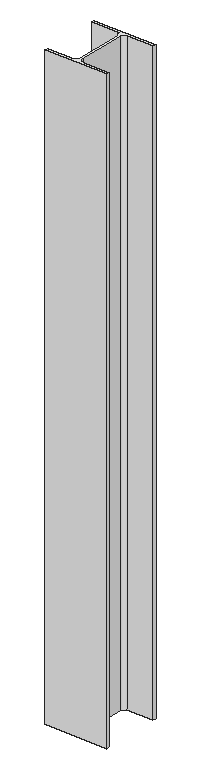
Revit family
Parameters (values of type "W250x73")
  기둥 재료 [instance] = 금속 - 스틸 - 345 MPa
  Assembly Code = ""
  A = 0.009 m²
  W = 0.72
  bf = 254 mm
  d = 253 mm
  k = 31 mm
  kr = k - tf  # 16.8 mm
  tf = 14.2 mm
  tw = 8.6 mm
Types (2, lengths in mm): name | A | W | bf | d | k | kr | tf | tw
  W250x73 | 0.009 m² | 0.72 | 254 | 253 | 31 | 16.8 | 14.2 | 8.6
  W250x49.1 | 0.006 m² | 0.48 | 202 | 247 | 28 | 17 | 11 | 7.4
Reference planes
  plane 1: y = 0
  plane 2: z = 0
  plane 3: x = 0
  plane 4: x = -127
  plane 5: x = 127
  plane 6: y = 126.5
  plane 7: y = -126.5
  plane 8: x = -3.969
  plane 9: x = 3.969
Forms (mm)
  Extrusion 1, solid, material "금속 - 스틸 - 345 MPa" <- "기둥 재료", detail levels medium
    sketch origin (0, 0, 0) x (1, 0, 0) y (0, 1, 0)
      loop
        line (-127, 126.5) -> (-127, 112.3) -> (-4.3, 112.3) -> (-4.3, -112.3) -> (-127, -112.3) -> (-127, -126.5) -> (127, -126.5) -> (127, -112.3) -> (4.3, -112.3) -> (4.3, 112.3) -> (127, 112.3) -> (127, 126.5) -> (-127, 126.5)
    from 0 to 2500
  Extrusion 2, solid, material "금속 - 스틸 - 345 MPa" <- "기둥 재료", detail levels fine
    sketch origin (0, 0, 0) x (1, 0, 0) y (0, 1, 0)
      loop
        line (-127, 126.5) -> (-127, 112.3) -> (-21.1, 112.3)
        arc (-21.1, 112.3) -> (-9.221, 107.379) -> (-4.3, 95.5) r 16.8
        line (-4.3, 95.5) -> (-4.3, -95.5)
        arc (-4.3, -95.5) -> (-9.221, -107.379) -> (-21.1, -112.3) r 16.8
        line (-21.1, -112.3) -> (-127, -112.3) -> (-127, -126.5) -> (127, -126.5) -> (127, -112.3) -> (21.1, -112.3)
        arc (21.1, -112.3) -> (9.221, -107.379) -> (4.3, -95.5) r 16.8
        line (4.3, -95.5) -> (4.3, 95.5)
        arc (4.3, 95.5) -> (9.221, 107.379) -> (21.1, 112.3) r 16.8
        line (21.1, 112.3) -> (127, 112.3) -> (127, 126.5) -> (-127, 126.5)
    from 0 to 2500
Lines and regions (mm)
  symbolic lines, style "StructuralColumnStickSymbols", detail levels coarse
    curve 1: line (-127, 126.5, 0) -> (127, 126.5, 0)
    curve 2: line (-127, -126.5, 0) -> (127, -126.5, 0)
    curve 3: line (0, 126.5, 0) -> (0, -126.5, 0)
  symbolic lines, style "숨겨진 면", detail levels medium+fine
    curve 4: line (-3.969, 0, 0) -> (-3.969, 0, 2500)
    curve 5: line (3.969, 0, 2500) -> (3.969, 0, 0)
Dimensions and locks
  equal spacing: plane 4, plane 3, plane 5
  equal spacing: plane 7, plane 1, plane 6
  "d": plane 7 to plane 6
  "bf": plane 4 to plane 5
  "tf": plane 7 to Extrusion 1 sketch curve
  "tf": Extrusion 1 sketch curve to plane 6
  equal spacing: Extrusion 1 sketch curve, plane 3, Extrusion 1 sketch curve
  "tw": Extrusion 1 sketch curve to Extrusion 1 sketch curve
  "kr": radius of Extrusion 2 sketch curve  (x4)
  aligned and locked: plane 6 to Extrusion 1 sketch curve
  aligned and locked: Extrusion 1 sketch curve to plane 7
  aligned and locked: Extrusion 1 sketch curve to plane 4  (x2)
  aligned and locked: plane 5 to Extrusion 1 sketch curve  (x2)
  aligned and locked: Extrusion 1 sketch curve to Extrusion 1 sketch curve  (x2)
  aligned and locked: level to Extrusion 1
  aligned and locked: level to plane 2
  aligned and locked: Extrusion 1 to plane 2
  aligned and locked: plane 6 to Extrusion 2 sketch curve
  aligned and locked: plane 5 to Extrusion 2 sketch curve  (x2)
  aligned and locked: Extrusion 2 sketch curve to plane 4  (x2)
  aligned and locked: Extrusion 2 sketch curve to Extrusion 1  (x6)
  aligned and locked: Extrusion 2 sketch curve to plane 7
  aligned and locked: level to Extrusion 2
  aligned and locked: Extrusion 2 to level
Automatic sketch dimensions
  curve 2 to plane 4 = 0 mm
  curve 1 to plane 4 = 0 mm
  curve 3 to plane 3 = 0 mm
  curve 2 to plane 5 = 0 mm
  curve 1 to plane 5 = 0 mm
  curve 3 to plane 7 = 0 mm
  curve 3 to plane 6 = 0 mm
  curve 4 to level = 0 mm  (x2)
  curve 4 to plane 8 = 0 mm
  curve 5 to level = 0 mm  (x2)
  curve 5 to plane 9 = 0 mm
